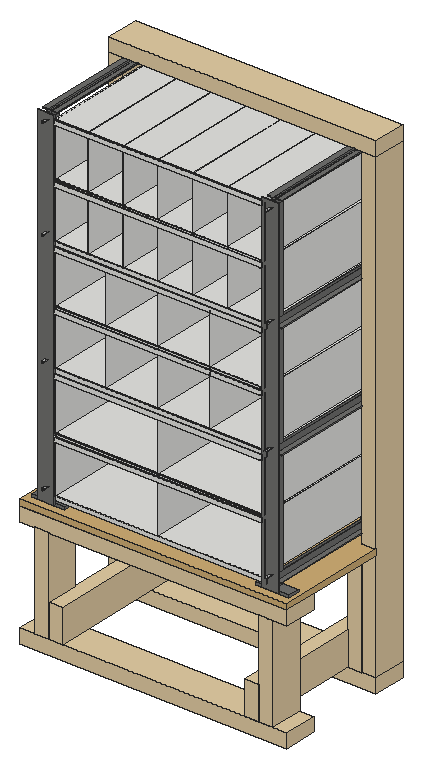
Revit family "Mailboxes_Aluminum-Rack_Ladder_System-Salsbury_Industries-3_Unit_High_Wall_Installation", category Specialty Equipment, host Wall, Revit 2016
Family settings
  Host = Wall
  Part Type = Normal
  Round Connector Dimension = Use Diameter
  OmniClass Number = 23.40.90.14.11
  OmniClass Title = Mail Boxes
  Always vertical = Yes
  Cut with Voids When Loaded = No
  Shared = No
  Room Calculation Point = No
Parameters (values of type "Single Column Installation-2200 Series Mailboxes-3 High")
  Version = "2.0 (06/30/18)"
  URL = "www.mailboxes.com"
  Type Comments = "Rack Ladder System for Aluminum Mailbox Units"
  Trim Material = Steel - Salsbury Finish - Black
  Starter and Add On Configuration (not applicable) = yes
  Starter Configuration (not applicable) = yes
  Rough Opening Width = 25.375"
  Rough Opening Height = 37.375"
  Rack Ladder Spacing = 23.875"
  Right RO Offset = 1.500"
  Rack Ladder Offset = 0.750"
  Rack Ladder Height = Rack Ladder Units : 2200C3
  Platform Material = Plywood
  OmniClass 23 Title = "Mail Boxes"
  OmniClass 23 Number = "23.40.90.14.11"
  Model = "2200 Series"
  MasterFormat Title = "Postal Specialties"
  MasterFormat Number = "10 55 00"
  Manufacturer = "Salsbury Industries"
  Lock Material = Stainless Steel -Salsbury Finish - Polished
  Left RO Offset = 1.500"
  Front Panel Material = Aluminum - Salsbury Finish - Aluminum
  End Column and Add On Configuration (not applicable) = yes
  Description = "3 Unit High  Installation - Single Column"
  Base Height [instance] = 13.780"
  Base Depth = 16.000"
  Back Enclosure Material = Steel - Salsbury Finish - Clear
  Assembly Code = "C1030910"
  2x4 Platform Support = Softwood, Lumber
  2200 Series Mailbox - Location 3 [instance] = 2200_Series_Aluminum_Mailboxes_Rack_Ladder_Units : 2212
  2200 Series Mailbox - Location 2 [instance] = 2200_Series_Aluminum_Mailboxes_Rack_Ladder_Units : 2208
  2200 Series Mailbox - Location 1 [instance] = 2200_Series_Aluminum_Mailboxes_Rack_Ladder_Units : 2204
Reference planes (in)
  plane 1 "Center of Wall": y = 0
  plane 2 "Center (Left/Right)": x = 0
  plane 3 "Front Face of Wall": y = 2.4375
  plane 4 "Left Side of RO": x = 12.6875
  plane 5 "Right Side of RO": x = -12.6875
  plane 6 "Top of RO": z = 51.155
  plane 7 "Bottom of RO": z = 13.78
  plane 8 "Back of Platform": y = -13.5625
  plane 9 "Floor": z = 0
  plane 10 "Back Face of Wall": y = -2.4375
  plane 11: y = -9.0625
  plane 12 "Base-Back Bottom Frame": z = 1.5
  plane 13 "Base-Back TopFrame": z = 11.655
  plane 14 "Base Center-Back TopFrame": z = 12.405
  plane 15 "Base Center-Back Bottom Frame": z = 0.75
  plane 16 "Bottom of Platform": z = 13.155
  plane 17 "Brace/Support Align-Right": x = -11.1875
  plane 18 "Brace/Support Align-Left": x = 11.1875
  plane 19 "Wall Opening Extension - Left": x = 14.1875
  plane 20 "Wall Opening Extension - Right": x = -14.1875
  plane 21 "Wall Opening Extension - Top": z = 52.655
  plane 22 "Right Rack Ladder Align": x = -11.9375
  plane 23 "Left Rack Ladder Align": x = 11.9375
  plane 24: z = 5
  plane 25: y = -1.75
  plane 26: y = 1.75
  plane 27 "Mail Align 1": z = 14.7175
  plane 28: z = 26.8425
  plane 29: z = 38.9675
  plane 30: z = 51.0925
  plane 31: z = 63.2175
  plane 32: z = 75.3425
  plane 33 "Center of Mailboxes": x = 0
  plane 34 "Mailbox Side Align": x = 11.5935
  plane 35: x = -12.6875
  plane 36: x = 12.6875
  plane 37: y = 2.0625
  plane 38: x = 9.6875
  plane 39: x = -9.6875
  plane 40: y = -10.0625
  plane 41 "15"AFF - Low Reach Limit": z = 15
Forms (in)
  Extrusion 1, void
    sketch origin (0, 0, 0) x (1, 0, 0) y (0, 0, 1)
      loop
        line (12.6875, 51.155) -> (-12.6875, 51.155) -> (-12.6875, 13.78) -> (12.6875, 13.78) -> (12.6875, 51.155)
    from -2.4375 to 2.4375
  Extrusion 2, void
    sketch origin (0, -2.4375, 0) x (-1, 0, 0) y (0, 0, 1)
      loop
        line (12.6875, 13.78) -> (-12.6875, 13.78) -> (-12.6875, 0) -> (12.6875, 0) -> (12.6875, 13.78)
    from 0 to 4.5
  Extrusion 3, solid, material "Softwood, Lumber" <- "2x4 Platform Support"
    sketch origin (0, 0, 0) x (1, 0, 0) y (0, 1, 0)
      loop
        line (14.1875, -13.5625) -> (14.1875, -10.0625) -> (-14.1875, -10.0625) -> (-14.1875, -13.5625) -> (14.1875, -13.5625)
    from 0 to 1.5
  Extrusion 4, solid, material "Softwood, Lumber" <- "2x4 Platform Support"
    sketch origin (0, 11.8125, 0) x (1, 0, 0) y (0, 1, 0)
      loop
        line (14.1875, -13.5625) -> (14.1875, -10.0625) -> (-14.1875, -10.0625) -> (-14.1875, -13.5625) -> (14.1875, -13.5625)
    from 0 to 1.5
  Extrusion 5, solid, material "Softwood, Lumber" <- "2x4 Platform Support"
    sketch origin (0, 0, 11.655) x (1, 0, 0) y (0, 1, 0)
      loop
        line (14.1875, -13.5625) -> (14.1875, -10.0625) -> (-14.1875, -10.0625) -> (-14.1875, -13.5625) -> (14.1875, -13.5625)
    from 0 to 1.5
  Extrusion 6, solid, material "Softwood, Lumber" <- "2x4 Platform Support"
    sketch origin (0, 0, 11.655) x (1, 0, 0) y (0, 1, 0)
      loop
        line (12.6875, -1.75) -> (12.6875, 1.75) -> (-12.6875, 1.75) -> (-12.6875, -1.75) -> (12.6875, -1.75)
    from 0 to 1.5
  Extrusion 7, solid, material "Softwood, Lumber" <- "2x4 Platform Support"
    sketch origin (-12.6875, 0, 0) x (0, 0, -1) y (0, 1, 0)
      loop
        line (-11.655, -13.5625) -> (-1.5, -13.5625) -> (-1.5, -10.0625) -> (-11.655, -10.0625) -> (-11.655, -13.5625)
    from 0 to 1.5
  Extrusion 8, solid, material "Softwood, Lumber" <- "2x4 Platform Support"
    sketch origin (-12.6875, 0, 0) x (0, 0, -1) y (0, 1, 0)
      loop
        line (-11.655, -1.75) -> (-1.5, -1.75) -> (-1.5, 1.75) -> (-11.655, 1.75) -> (-11.655, -1.75)
    from 0 to 1.5
  Extrusion 9, solid, material "Softwood, Lumber" <- "2x4 Platform Support", visible <- "End Column and Add On Configuration (not applicable)"
    sketch origin (12.6875, 0, 0) x (0, 0, -1) y (0, 1, 0)
      loop
        line (-11.655, -13.5625) -> (-1.5, -13.5625) -> (-1.5, -10.0625) -> (-11.655, -10.0625) -> (-11.655, -13.5625)
    from 0 to -1.5
  Extrusion 10, solid, material "Softwood, Lumber" <- "2x4 Platform Support", visible <- "End Column and Add On Configuration (not applicable)"
    sketch origin (12.6875, 0, 0) x (0, 0, -1) y (0, 1, 0)
      loop
        line (-11.655, -1.75) -> (-1.5, -1.75) -> (-1.5, 1.75) -> (-11.655, 1.75) -> (-11.655, -1.75)
    from 0 to -1.5
  Extrusion 11, solid, material "Softwood, Lumber" <- "2x4 Platform Support"
    sketch origin (-11.1875, 0, 0) x (0, 0, -1) y (0, -1, 0)
      loop
        line (-1.5, 13.5625) -> (-5, 13.5625) -> (-5, -1.75) -> (-1.5, -1.75) -> (-1.5, 13.5625)
    from 0 to -1.5
  Extrusion 12, solid, material "Softwood, Lumber" <- "2x4 Platform Support", visible <- "End Column and Add On Configuration (not applicable)"
    sketch origin (11.1875, 0, 0) x (0, 0, -1) y (0, -1, 0)
      loop
        line (-1.5, 13.5625) -> (-5, 13.5625) -> (-5, -1.75) -> (-1.5, -1.75) -> (-1.5, 13.5625)
    from 0 to 1.5
  Extrusion 13, void
    sketch origin (0, 0, 52.655) x (0, -1, 0) y (1, 0, 0)
      loop
        line (2.4375, -14.1875) -> (2.4375, 14.1875) -> (-2.06201, 14.1875) -> (-2.06201, -14.1875) -> (2.4375, -14.1875)
    from -52.655 to 0
  Extrusion 14, solid, material "Softwood, Lumber" <- "2x4 Platform Support", visible <- "End Column and Add On Configuration (not applicable)"
    sketch origin (14.1875, 0, 0) x (0, -1, 0) y (0, 0, 1)
      loop
        line (1.75, 1.5) -> (1.75, 51.155) -> (-1.75, 51.155) -> (-1.75, 1.5) -> (1.75, 1.5)
    from 0 to 1.5
  Extrusion 15, solid, material "Softwood, Lumber" <- "2x4 Platform Support", visible <- "Starter and Add On Configuration (not applicable)"
    sketch origin (-14.1875, 0, 0) x (0, -1, 0) y (0, 0, 1)
      loop
        line (1.75, 1.5) -> (1.75, 51.155) -> (-1.75, 51.155) -> (-1.75, 1.5) -> (1.75, 1.5)
    from 0 to -1.5
  Extrusion 16, solid, material "Softwood, Lumber" <- "2x4 Platform Support"
    sketch origin (0, 11.8125, 52.655) x (0, -1, 0) y (1, 0, 0)
      loop
        line (13.5625, 14.1875) -> (10.0625, 14.1875) -> (10.0625, -14.1875) -> (13.5625, -14.1875) -> (13.5625, 14.1875)
    from 0 to -1.5
  Extrusion 17, solid, material "Plywood" <- "Platform Material"
    sketch origin (0, 0, 13.155) x (0, -1, 0) y (1, 0, 0)
      loop
        line (13.5625, -14.1875) -> (13.5625, 14.1875) -> (-2.0625, 14.1875) -> (-2.0625, -14.1875) -> (13.5625, -14.1875)
    from 0 to 0.625
  Extrusion 18, void
    sketch origin (-12.6875, 0, 0) x (0, 0, -1) y (0, 1, 0)
      loop
        line (-13.155, 2.0625) -> (-13.78, 2.0625) -> (-13.78, -1.75) -> (-13.155, -1.75) -> (-13.155, 2.0625)
    from 0 to -1.5
  Extrusion 19, void
    sketch origin (12.6875, 0, 0) x (0, 0, -1) y (0, 1, 0)
      loop
        line (-13.155, 2.0625) -> (-13.78, 2.0625) -> (-13.78, -1.75) -> (-13.155, -1.75) -> (-13.155, 2.0625)
    from 0 to 1.5
Cuts and joins
  Extrusion 18 cuts Extrusion 6
  Extrusion 18, Extrusion 19 cuts Extrusion 17
Lines and regions (in)
  symbolic lines
    curve 1: line (-14.1875, -13.5625, 14.7175) -> (14.1875, -13.5625, 14.7175)
    curve 2: line (-14.1875, 1.75, 14.7175) -> (-14.1875, -13.5625, 14.7175)
    curve 3: line (14.1875, 1.75, 14.7175) -> (-14.1875, 1.75, 14.7175)
    curve 4: line (14.1875, -13.5625, 14.7175) -> (14.1875, 1.75, 14.7175)
    curve 5: line (-14.1875, -1.75, 14.7175) -> (14.1875, -1.75, 14.7175)
    curve 6: line (-12.6875, -1.75, 52.655) -> (-12.6875, 1.75, 52.655)
    curve 7: line (-12.6875, -1.75, 0) -> (-12.6875, -1.75, 52.655)
    curve 8: line (-12.6875, 1.75, 0) -> (-12.6875, -1.75, 0)
    curve 9: line (-12.6875, 1.75, 52.655) -> (-12.6875, 1.75, 0)
    curve 10: line (-12.6875, -13.5625, 13.155) -> (-12.6875, -10.0625, 13.155)
    curve 11: line (-12.6875, -13.5625, 0) -> (-12.6875, -13.5625, 13.155)
    curve 12: line (-12.6875, -10.0625, 0) -> (-12.6875, -13.5625, 0)
    curve 13: line (-12.6875, -10.0625, 13.155) -> (-12.6875, -10.0625, 0)
    curve 14: line (-12.6875, -13.5625, 11.655) -> (-12.6875, -10.0625, 11.655)
    curve 15: line (-12.6875, -13.5625, 1.5) -> (-12.6875, 1.75, 1.5)
    curve 16: line (-12.6875, -10.0625, 5) -> (-12.6875, -1.75, 5)
    curve 17: line (-12.6875, -13.5625, 13.78) -> (-12.6875, -1.75, 13.78)
    curve 18: line (-12.6875, -13.5625, 13.155) -> (-12.6875, -13.5625, 13.78)
    curve 19: line (-12.6875, -1.75, 13.155) -> (-12.6875, -13.5625, 13.155)
    curve 20: line (-12.6875, -1.75, 51.155) -> (-12.6875, 1.75, 51.155)
    curve 21: line (-14.1875, 0, 52.655) -> (14.1875, 0, 52.655)
    curve 22: line (-14.1875, 0, 51.155) -> (-14.1875, 0, 52.655)
    curve 23: line (14.1875, 0, 51.155) -> (-14.1875, 0, 51.155)
    curve 24: line (14.1875, 0, 52.655) -> (14.1875, 0, 51.155)
    curve 25: line (-14.1875, 0, 51.155) -> (-14.1875, 0, 1.5)
    curve 26: line (14.1875, 0, 51.155) -> (14.1875, 0, 1.5)
    curve 27: line (-14.1875, 0, 0) -> (14.1875, 0, 0)
    curve 28: line (-14.1875, 0, 1.5) -> (-14.1875, 0, 0)
    curve 29: line (14.1875, 0, 1.5) -> (-14.1875, 0, 1.5)
    curve 30: line (14.1875, 0, 0) -> (14.1875, 0, 1.5)
    curve 31: line (-14.1875, 0, 13.155) -> (14.1875, 0, 13.155)
    curve 32: line (-14.1875, 0, 13.78) -> (14.1875, 0, 13.78)
    curve 33: line (14.1875, 0, 11.655) -> (-14.1875, 0, 11.655)
    curve 34: line (-12.6875, 0, 1.5) -> (-12.6875, 0, 11.655)
    curve 35: line (-11.1875, 0, 1.5) -> (-11.1875, 0, 11.655)
    curve 36: line (-9.6875, 0, 1.5) -> (-9.6875, 0, 5)
    curve 37: line (-11.1875, 0, 5) -> (-9.6875, 0, 5)
    curve 38: line (11.1875, 0, 1.5) -> (11.1875, 0, 11.655)
    curve 39: line (12.6875, 0, 1.5) -> (12.6875, 0, 11.655)
    curve 40: line (9.6875, 0, 1.5) -> (9.6875, 0, 5)
    curve 41: line (11.1875, 0, 5) -> (9.6875, 0, 5)
Text (in)
  text "Placement Side" at (0, 40.15149, 123.01588), in view "Right"
  text "Placement Side" at (-58.6842, 42.74981, 0), in view "Ref. Level"
  text "Placement Side" at (0, 47.49176, 140.59947), in view "Left"
Dimensions and locks (in)
  locked: plane 3 "Front Face of Wall" to host wall
  equal spacing: plane 4 "Left Side of RO", plane 2 "Center (Left/Right)", plane 5 "Right Side of RO"
  "Rough Opening Width": plane 4 "Left Side of RO" to plane 5 "Right Side of RO"
  "Rough Opening Height": plane 7 "Bottom of RO" to plane 6 "Top of RO"
  "Base Height": plane 9 "Floor" to plane 7 "Bottom of RO"
  "Base Depth": plane 8 "Back of Platform" to plane 3 "Front Face of Wall"
  plane 8 "Back of Platform" to plane 11 = 4.500"
  plane 24 to plane 12 "Base-Back Bottom Frame" to plane 15 "Base Center-Back Bottom Frame" to plane 9 "Floor" = 3.500", 0.750", 0.750"
  plane 7 "Bottom of RO" to plane 16 "Bottom of Platform" to plane 14 "Base Center-Back TopFrame" to plane 13 "Base-Back TopFrame" = 0.625", 0.750", 0.750"
  plane 5 "Right Side of RO" to plane 17 "Brace/Support Align-Right" to plane 39 = 1.500" locked, 1.500" locked
  plane 38 to plane 18 "Brace/Support Align-Left" to plane 4 "Left Side of RO" = 1.500" locked, 1.500" locked
  "Left RO Offset": plane 4 "Left Side of RO" to plane 19 "Wall Opening Extension - Left"
  "Right RO Offset": plane 20 "Wall Opening Extension - Right" to plane 5 "Right Side of RO"
  locked: plane 21 "Wall Opening Extension - Top" to plane 6 "Top of RO" at 1.5
  "Rack Ladder Spacing": plane 22 "Right Rack Ladder Align" to plane 23 "Left Rack Ladder Align"
  plane 25 to plane 1 "Center of Wall" to plane 26 = 1.750", 1.750"
  "Rack Ladder Offset": plane 22 "Right Rack Ladder Align" to plane 5 "Right Side of RO"
  plane 32 to plane 31 to plane 30 to plane 29 to plane 28 to plane 27 "Mail Align 1" to plane 7 "Bottom of RO" = 12.125", 12.125", 12.125", 12.125", 12.125", 0.9375"
  equal spacing: plane 22 "Right Rack Ladder Align", plane 33 "Center of Mailboxes", plane 23 "Left Rack Ladder Align"
  locked: plane 34 "Mailbox Side Align" to plane 23 "Left Rack Ladder Align" at 0.344
  locked: plane 20 "Wall Opening Extension - Right" to plane 35 at 1.5
  locked: plane 36 to plane 19 "Wall Opening Extension - Left" at 1.5
  locked: plane 37 to plane 3 "Front Face of Wall" at 0.375
  locked: plane 41 "15"AFF - Low Reach Limit" to plane 9 "Floor" at 15
  aligned and locked: plane 9 "Floor" to level
  aligned and locked: plane 6 "Top of RO" to Extrusion 1 sketch curve
  aligned and locked: plane 5 "Right Side of RO" to Extrusion 1 sketch curve
  aligned and locked: Extrusion 1 sketch curve to plane 4 "Left Side of RO"
  aligned and locked: Extrusion 1 sketch curve to plane 7 "Bottom of RO"
  aligned and locked: host wall to Extrusion 1  (x2)
  aligned and locked: plane 10 "Back Face of Wall" to host wall
  aligned and locked: plane 7 "Bottom of RO" to Extrusion 2 sketch curve
  aligned and locked: Extrusion 2 sketch curve to plane 4 "Left Side of RO"
  aligned and locked: plane 5 "Right Side of RO" to Extrusion 2 sketch curve
  aligned and locked: Extrusion 2 sketch curve to plane 9 "Floor"
  aligned and locked: Extrusion 3 to plane 12 "Base-Back Bottom Frame"
  aligned and locked: plane 4 "Left Side of RO" to Extrusion 6
  aligned and locked: Extrusion 6 to plane 5 "Right Side of RO"
  aligned and locked: plane 12 "Base-Back Bottom Frame" to Extrusion 7
  aligned and locked: Extrusion 7 to plane 13 "Base-Back TopFrame"
  aligned and locked: plane 13 "Base-Back TopFrame" to Extrusion 5
  aligned and locked: plane 12 "Base-Back Bottom Frame" to Extrusion 8
  aligned and locked: plane 12 "Base-Back Bottom Frame" to Extrusion 9
  aligned and locked: plane 12 "Base-Back Bottom Frame" to Extrusion 10
  aligned and locked: Extrusion 9 to plane 13 "Base-Back TopFrame"
  aligned and locked: Extrusion 10 to plane 13 "Base-Back TopFrame"
  aligned and locked: Extrusion 4 to Extrusion 12
  aligned and locked: Extrusion 4 to Extrusion 11
  aligned and locked: Extrusion 13 sketch curve to plane 20 "Wall Opening Extension - Right"
  aligned and locked: plane 19 "Wall Opening Extension - Left" to Extrusion 13 sketch curve
  aligned and locked: Extrusion 4 to plane 19 "Wall Opening Extension - Left"
  aligned and locked: plane 20 "Wall Opening Extension - Right" to Extrusion 4
  aligned and locked: Extrusion 17 to plane 7 "Bottom of RO"
  aligned and locked: Extrusion 13 to level
  aligned and locked: plane 24 to Extrusion 12
  aligned and locked: Extrusion 11 to plane 24
  aligned and locked: nested 1 to plane 7 "Bottom of RO"
  aligned and locked: nested 2 to plane 23 "Left Rack Ladder Align"
  aligned and locked: nested 1 to plane 22 "Right Rack Ladder Align"
  aligned and locked: plane 7 "Bottom of RO" to nested 2
  aligned and locked: plane 3 "Front Face of Wall" to nested 1
  aligned and locked: nested 2 to plane 3 "Front Face of Wall"
  aligned and locked: Extrusion 5 to Extrusion 4
  aligned and locked: Extrusion 5 to plane 19 "Wall Opening Extension - Left"
  aligned and locked: Extrusion 5 to Extrusion 17
  aligned and locked: Extrusion 17 to Extrusion 5
  aligned and locked: Extrusion 4 to Extrusion 3  (x2)
  aligned and locked: Extrusion 4 to plane 12 "Base-Back Bottom Frame"
  aligned and locked: plane 12 "Base-Back Bottom Frame" to Extrusion 15
  aligned and locked: Extrusion 15 to plane 6 "Top of RO"
  aligned and locked: Extrusion 14 to plane 6 "Top of RO"
  aligned and locked: Extrusion 16 to plane 19 "Wall Opening Extension - Left"
  aligned and locked: plane 20 "Wall Opening Extension - Right" to Extrusion 16
  aligned and locked: Extrusion 17 to Extrusion 3  (x2)
  aligned and locked: plane 25 to Extrusion 4
  aligned and locked: Extrusion 4 to plane 26
  aligned and locked: plane 25 to Extrusion 14
  aligned and locked: Extrusion 14 to plane 26
  aligned and locked: Extrusion 10 to plane 26
  aligned and locked: plane 25 to Extrusion 10
  aligned and locked: plane 25 to cut or joined group of Extrusion 6, Extrusion 18
  aligned and locked: cut or joined group of Extrusion 6, Extrusion 18 to plane 26
  aligned and locked: plane 25 to Extrusion 8
  aligned and locked: Extrusion 8 to plane 26
  aligned and locked: Extrusion 16 to plane 26  (x2)
  aligned and locked: plane 25 to Extrusion 16
  aligned and locked: cut or joined group of Extrusion 17, Extrusion 18, Extrusion 19 to Extrusion 18
  aligned and locked: Extrusion 18 to Extrusion 4
  aligned and locked: Extrusion 19 to cut or joined group of Extrusion 17, Extrusion 18, Extrusion 19
  aligned and locked: Extrusion 4 to Extrusion 19
  aligned and locked: plane 3 "Front Face of Wall" to nested 4
  aligned and locked: nested 5 to plane 3 "Front Face of Wall"
  aligned and locked: plane 27 "Mail Align 1" to nested 3
  aligned and locked: plane 28 to nested 4
  aligned and locked: plane 29 to nested 5
  aligned and locked: nested 3 to plane 3 "Front Face of Wall"
  aligned and locked: nested 5 to plane 34 "Mailbox Side Align"
  aligned and locked: nested 4 to plane 34 "Mailbox Side Align"
  aligned and locked: nested 3 to plane 34 "Mailbox Side Align"
  aligned and locked: Extrusion 15 to plane 26
  aligned and locked: plane 25 to Extrusion 15
  aligned and locked: plane 25 to Extrusion 15 sketch curve
  aligned and locked: Extrusion 15 sketch curve to plane 26
  aligned and locked: Extrusion 15 sketch curve to plane 6 "Top of RO"
  aligned and locked: plane 12 "Base-Back Bottom Frame" to Extrusion 15 sketch curve
  aligned and locked: Extrusion 15 to plane 35
  aligned and locked: plane 20 "Wall Opening Extension - Right" to Extrusion 15
  aligned and locked: plane 12 "Base-Back Bottom Frame" to Extrusion 14 sketch curve
  aligned and locked: plane 25 to Extrusion 14 sketch curve
  aligned and locked: Extrusion 14 sketch curve to plane 26
  aligned and locked: Extrusion 14 sketch curve to plane 6 "Top of RO"
  aligned and locked: Extrusion 14 to plane 36
  aligned and locked: Extrusion 14 to plane 19 "Wall Opening Extension - Left"
  aligned and locked: plane 26 to Extrusion 16 sketch curve
  aligned and locked: Extrusion 16 sketch curve to plane 20 "Wall Opening Extension - Right"
  aligned and locked: Extrusion 16 sketch curve to plane 25
  aligned and locked: plane 19 "Wall Opening Extension - Left" to Extrusion 16 sketch curve
  aligned and locked: Extrusion 16 to plane 21 "Wall Opening Extension - Top"
  aligned and locked: plane 6 "Top of RO" to Extrusion 16
  aligned and locked: plane 20 "Wall Opening Extension - Right" to Extrusion 17 sketch curve
  aligned and locked: Extrusion 17 sketch curve to plane 19 "Wall Opening Extension - Left"
  aligned and locked: plane 8 "Back of Platform" to Extrusion 17 sketch curve
  aligned and locked: plane 37 to Extrusion 17 sketch curve
  aligned and locked: plane 16 "Bottom of Platform" to cut or joined group of Extrusion 17, Extrusion 18, Extrusion 19
  aligned and locked: plane 5 "Right Side of RO" to Extrusion 6 sketch curve
  aligned and locked: plane 26 to Extrusion 6 sketch curve
  aligned and locked: Extrusion 6 sketch curve to plane 25
  aligned and locked: Extrusion 6 sketch curve to plane 4 "Left Side of RO"
  aligned and locked: plane 13 "Base-Back TopFrame" to cut or joined group of Extrusion 6, Extrusion 18
  aligned and locked: cut or joined group of Extrusion 6, Extrusion 18 to plane 16 "Bottom of Platform"
  aligned and locked: plane 40 to Extrusion 5 sketch curve
  aligned and locked: Extrusion 5 sketch curve to plane 8 "Back of Platform"
  aligned and locked: Extrusion 5 sketch curve to plane 20 "Wall Opening Extension - Right"
  aligned and locked: plane 19 "Wall Opening Extension - Left" to Extrusion 5 sketch curve
  aligned and locked: Extrusion 5 to plane 16 "Bottom of Platform"
  aligned and locked: plane 13 "Base-Back TopFrame" to Extrusion 8 sketch curve
  aligned and locked: Extrusion 8 sketch curve to plane 25
  aligned and locked: plane 26 to Extrusion 8 sketch curve
  aligned and locked: Extrusion 8 sketch curve to plane 12 "Base-Back Bottom Frame"
  aligned and locked: Extrusion 8 to plane 17 "Brace/Support Align-Right"
  aligned and locked: Extrusion 8 to plane 5 "Right Side of RO"
  aligned and locked: plane 13 "Base-Back TopFrame" to Extrusion 7 sketch curve
  aligned and locked: Extrusion 7 sketch curve to plane 12 "Base-Back Bottom Frame"
  aligned and locked: plane 40 to Extrusion 7 sketch curve
  aligned and locked: Extrusion 7 sketch curve to plane 8 "Back of Platform"
  aligned and locked: Extrusion 7 to plane 17 "Brace/Support Align-Right"
  aligned and locked: Extrusion 7 to plane 5 "Right Side of RO"
  aligned and locked: Extrusion 11 sketch curve to plane 24
  aligned and locked: plane 12 "Base-Back Bottom Frame" to Extrusion 11 sketch curve
  aligned and locked: plane 8 "Back of Platform" to Extrusion 11 sketch curve
  aligned and locked: Extrusion 11 sketch curve to plane 26
  aligned and locked: plane 39 to Extrusion 11
  aligned and locked: plane 17 "Brace/Support Align-Right" to Extrusion 11
  aligned and locked: plane 13 "Base-Back TopFrame" to Extrusion 10 sketch curve
  aligned and locked: Extrusion 10 sketch curve to plane 12 "Base-Back Bottom Frame"
  aligned and locked: Extrusion 10 sketch curve to plane 25
  aligned and locked: plane 26 to Extrusion 10 sketch curve
  aligned and locked: plane 4 "Left Side of RO" to Extrusion 10
  aligned and locked: plane 18 "Brace/Support Align-Left" to Extrusion 10
  aligned and locked: plane 13 "Base-Back TopFrame" to Extrusion 9 sketch curve
  aligned and locked: Extrusion 9 sketch curve to plane 12 "Base-Back Bottom Frame"
  aligned and locked: plane 40 to Extrusion 9 sketch curve
  aligned and locked: Extrusion 9 sketch curve to plane 8 "Back of Platform"
  aligned and locked: plane 4 "Left Side of RO" to Extrusion 9
  aligned and locked: plane 18 "Brace/Support Align-Left" to Extrusion 9
  aligned and locked: Extrusion 12 sketch curve to plane 26
  aligned and locked: Extrusion 12 sketch curve to plane 24
  aligned and locked: plane 12 "Base-Back Bottom Frame" to Extrusion 12 sketch curve
  aligned and locked: plane 8 "Back of Platform" to Extrusion 12 sketch curve
  aligned and locked: Extrusion 12 to plane 18 "Brace/Support Align-Left"
  aligned and locked: Extrusion 12 to plane 38
  aligned and locked: plane 26 to Extrusion 4 sketch curve
  aligned and locked: Extrusion 4 sketch curve to plane 25
  aligned and locked: plane 19 "Wall Opening Extension - Left" to Extrusion 4 sketch curve
  aligned and locked: Extrusion 4 sketch curve to plane 20 "Wall Opening Extension - Right"
  aligned and locked: plane 9 "Floor" to Extrusion 4
  aligned and locked: plane 40 to Extrusion 3 sketch curve
  aligned and locked: Extrusion 3 sketch curve to plane 8 "Back of Platform"
  aligned and locked: plane 19 "Wall Opening Extension - Left" to Extrusion 3 sketch curve
  aligned and locked: Extrusion 3 sketch curve to plane 20 "Wall Opening Extension - Right"
  aligned and locked: plane 9 "Floor" to Extrusion 3
  aligned and locked: plane 8 "Back of Platform" to curve 1
  aligned and locked: plane 20 "Wall Opening Extension - Right" to curve 2
  aligned and locked: curve 4 to plane 19 "Wall Opening Extension - Left"
  aligned and locked: plane 20 "Wall Opening Extension - Right" to curve 5
  aligned and locked: plane 19 "Wall Opening Extension - Left" to curve 5
  aligned and locked: plane 25 to curve 5
  aligned and locked: curve 7 to plane 25
  aligned and locked: plane 21 "Wall Opening Extension - Top" to curve 6
  aligned and locked: plane 26 to curve 9
  aligned and locked: curve 8 to plane 9 "Floor"
  aligned and locked: curve 12 to plane 9 "Floor"
  aligned and locked: plane 40 to curve 13
  aligned and locked: curve 11 to plane 8 "Back of Platform"
  aligned and locked: plane 16 "Bottom of Platform" to curve 10
  aligned and locked: plane 13 "Base-Back TopFrame" to curve 14
  aligned and locked: plane 12 "Base-Back Bottom Frame" to curve 15
  aligned and locked: plane 40 to curve 16
  aligned and locked: plane 25 to curve 16
  aligned and locked: plane 24 to curve 16
  aligned and locked: plane 7 "Bottom of RO" to curve 17
  aligned and locked: curve 19 to plane 16 "Bottom of Platform"
  aligned and locked: curve 18 to plane 8 "Back of Platform"
  aligned and locked: plane 26 to curve 20
  aligned and locked: plane 6 "Top of RO" to curve 20
  aligned and locked: curve 23 to plane 6 "Top of RO"
  aligned and locked: plane 21 "Wall Opening Extension - Top" to curve 21
  aligned and locked: plane 19 "Wall Opening Extension - Left" to curve 24
  aligned and locked: curve 22 to plane 20 "Wall Opening Extension - Right"
  aligned and locked: plane 6 "Top of RO" to curve 25
  aligned and locked: plane 12 "Base-Back Bottom Frame" to curve 25
  aligned and locked: plane 19 "Wall Opening Extension - Left" to curve 26
  aligned and locked: curve 29 to plane 12 "Base-Back Bottom Frame"
  aligned and locked: plane 9 "Floor" to curve 27
  aligned and locked: plane 20 "Wall Opening Extension - Right" to curve 28
  aligned and locked: curve 30 to plane 19 "Wall Opening Extension - Left"
  aligned and locked: plane 16 "Bottom of Platform" to curve 31
  aligned and locked: plane 20 "Wall Opening Extension - Right" to curve 33
  aligned and locked: plane 19 "Wall Opening Extension - Left" to curve 33
  aligned and locked: plane 7 "Bottom of RO" to curve 32
  aligned and locked: curve 33 to plane 13 "Base-Back TopFrame"
  aligned and locked: plane 24 to curve 36
  aligned and locked: curve 34 to plane 35
  aligned and locked: curve 35 to plane 17 "Brace/Support Align-Right"
  aligned and locked: plane 39 to curve 36
  aligned and locked: plane 17 "Brace/Support Align-Right" to curve 37
  aligned and locked: plane 39 to curve 37
  aligned and locked: plane 24 to curve 37
  aligned and locked: plane 13 "Base-Back TopFrame" to curve 39
  aligned and locked: plane 24 to curve 40
  aligned and locked: curve 39 to plane 36
  aligned and locked: curve 38 to plane 18 "Brace/Support Align-Left"
  aligned and locked: plane 38 to curve 40
  aligned and locked: plane 18 "Brace/Support Align-Left" to curve 41
  aligned and locked: plane 38 to curve 41
  aligned and locked: curve 41 to plane 24
Automatic sketch dimensions
  host wall to Extrusion 13 sketch curve = 0.000"
  Extrusion 13 sketch curve to host wall = 0.37549"
  plane 7 "Bottom of RO" to Extrusion 18 sketch curve = 0.000"
  plane 16 "Bottom of Platform" to Extrusion 18 sketch curve = 0.000"
  Extrusion 18 sketch curve to host wall = 0.6875"
  Extrusion 18 sketch curve to host wall = 0.375"
  plane 7 "Bottom of RO" to Extrusion 19 sketch curve = 0.000"
  plane 16 "Bottom of Platform" to Extrusion 19 sketch curve = 0.000"
  Extrusion 19 sketch curve to host wall = 0.6875"
  Extrusion 19 sketch curve to host wall = 0.375"
  plane 26 to curve 4 = 0.000"
Nested families (in)
  nested 1: "Rack Ladder Units" at (-11.9375, -5.125, 13.78), type <- "Rack Ladder Height", type "2200C3"
  nested 2: "Rack Ladder Units" at (11.9375, -5.125, 13.78) x (-1, 0, 0) z (0, 0, 1), type <- "Rack Ladder Height", visible <- "End Column and Add On Configuration (not applicable)", type "2200C3"
  nested 3: "2200_Series_Aluminum_Mailboxes_Rack_Ladder_Units" at (-0.0315, -5.3125, 14.7175) x (-1, 0, 0) z (0, 0, 1), type <- "2200 Series Mailbox - Location 1", type "2204"
    with Door Slot #9 Number "9", Door Slot #8 Number "8", Door Slot #7 Number "7", Door Slot #6 Number "6", Door Slot #5 Number "5", Door Slot #4 Number "4", Door Slot #3 Number "3", Door Slot #2 Number "2", Door Slot #17 Number "0", Door Slot #16 Number "0", Door Slot #15 Number "0", Door Slot #14 Number "0", Door Slot #13 Number "0", Door Slot #12 Number "1\r\n2", Door Slot #11 Number "1\r\n1", Door Slot #10 Number "1\r\n0", Door Slot #1 Number "1", Door Numbers yes
  nested 4: "2200_Series_Aluminum_Mailboxes_Rack_Ladder_Units" at (-0.0315, -5.3125, 26.8425) x (-1, 0, 0) z (0, 0, 1), type <- "2200 Series Mailbox - Location 2", type "2208"
    with Door Slot #9 Number "9", Door Slot #8 Number "8", Door Slot #7 Number "7", Door Slot #6 Number "6", Door Slot #5 Number "5", Door Slot #4 Number "4", Door Slot #3 Number "3", Door Slot #2 Number "2", Door Slot #17 Number "0", Door Slot #16 Number "0", Door Slot #15 Number "0", Door Slot #14 Number "0", Door Slot #13 Number "0", Door Slot #12 Number "1\r\n2", Door Slot #11 Number "1\r\n1", Door Slot #10 Number "1\r\n0", Door Slot #1 Number "1", Door Numbers yes
  nested 5: "2200_Series_Aluminum_Mailboxes_Rack_Ladder_Units" at (-0.0315, -5.3125, 38.9675) x (-1, 0, 0) z (0, 0, 1), type <- "2200 Series Mailbox - Location 3", type "2212"
    with Door Slot #9 Number "9", Door Slot #8 Number "8", Door Slot #7 Number "7", Door Slot #6 Number "6", Door Slot #5 Number "5", Door Slot #4 Number "4", Door Slot #3 Number "3", Door Slot #2 Number "2", Door Slot #17 Number "0", Door Slot #16 Number "0", Door Slot #15 Number "0", Door Slot #14 Number "0", Door Slot #13 Number "0", Door Slot #12 Number "1\r\n2", Door Slot #11 Number "1\r\n1", Door Slot #10 Number "1\r\n0", Door Slot #1 Number "1", Door Numbers yes
Definition of nested family "Rack Ladder Units"
  Parameters (values of type "2200C3")
    Width = 3.500"
    Visible = yes
    Version = "1.0 (04/30/16)"
    Type Comments = "Rack Ladder for Aluminum Mailboxes"
    Trim Material = none
    Number of Dividers = 3
    Model = "2200C3"
    Manufacturer = "Salsbury Industries"
    Lock Material = none
    Height = 37.375"
    Divider Spacing = 24.250"
    Description = "3 High - Custom"
    Depth = 15.875"
  Types (7): name | Visible | Number of Dividers | Model | Height | Divider Spacing | Description
    (no name) | yes | 3 | "2200C3" | 37.375" | 24.250" | "3 High - Custom"
    2200C6 | yes | 6 | "2200C6" | 73.750" | 60.625" | "6 High - Custom"
    2200C5 | yes | 5 | "2200C5" | 61.625" | 48.500" | "5 High - Standard"
    2200C4 | yes | 4 | "2200C4" | 49.500" | 36.375" | "4 High - Custom"
    2200C3 | yes | 3 | "2200C3" | 37.375" | 24.250" | "3 High - Custom"
    2200C2 | yes | 2 | "2200C2" | 25.250" | 12.125" | "2 High - Custom"
    None | no | 2 | "2200C2" | 25.250" | 12.125" | "2 High - Custom"
  Reference planes (in)
    plane 1 "Center (Front/Back)": y = 0
    plane 2 "bottom": z = 0
    plane 3 "Center (Left/Right)": x = 0
    plane 4 "left": y = -7.5625
    plane 5 "right": y = 7.5625
    plane 6 "Bottom of top divider": z = 37.3125
    plane 7 "back": x = -0.625
    plane 8 "front": x = 0.625
    plane 9: z = 0.9375
    plane 10: z = 13.0625
    plane 11: z = 25.1875
    plane 12: z = 37.3125
    plane 13: z = 49.4375
    plane 14: z = 25.1875
    plane 15 "Vertical Bar Base": z = 0.25
    plane 16: y = -6.3125
    plane 17: y = 6.0625
    plane 18: x = 1.75
    plane 19: x = -1.75
    plane 20: x = 0.125
    plane 21: x = -0.125
    plane 22: y = 7.3125
    plane 23 "Divider Left Align": y = -7.3125
    plane 24: x = 0.875
    plane 25: x = -0.875
    plane 26 "Back Plate Align": y = -7.8125
    plane 27 "Divider Right Align": y = 7.0625
    plane 28: y = -7.875
    plane 29: y = -8.3125
    plane 30 "top": z = 37.375
    plane 31: y = 6.3125
  Forms (in)
    Extrusion 1, solid, material <- "Trim Material", visible <- "Visible"
      sketch origin (0, 0, 0) x (1, 0, 0) y (0, 1, 0)
        loop
          line (-1.75, -6.3125) -> (-1.75, -7.5625) -> (1.75, -7.5625) -> (1.75, -6.3125) -> (-1.75, -6.3125)
      from 0 to 0.25
    Extrusion 2, solid, material <- "Trim Material", visible <- "Visible"
      sketch origin (0, -0.125, 0.25) x (1, 0, 0) y (0, 1, 0)
        loop
          line (-0.125, -6.1875) -> (-0.125, -7.4375) -> (0.125, -7.4375) -> (0.125, -6.1875) -> (-0.125, -6.1875)
      from 0 to 37.125
    Extrusion 3, solid, material <- "Trim Material", visible <- "Visible"
      sketch origin (0, 0, 0) x (1, 0, 0) y (0, 1, 0)
        loop
          line (-0.625, 6.3125) -> (1.75, 6.3125) -> (1.75, 7.5625) -> (-0.625, 7.5625) -> (-0.625, 6.3125)
      from 0 to 0.25
    Extrusion 4, solid, material <- "Trim Material", visible <- "Visible"
      sketch origin (0, -0.25, 0.25) x (1, 0, 0) y (0, 1, 0)
        loop
          line (-0.125, 6.3125) -> (0.125, 6.3125) -> (0.125, 7.5625) -> (-0.125, 7.5625) -> (-0.125, 6.3125)
      from 0 to 37.125
    Extrusion 5, solid, material <- "Trim Material", visible <- "Visible"
      sketch origin (0, 0, 0.25) x (1, 0, 0) y (0, 1, 0)
        loop
          line (-0.625, 7.5625) -> (-0.625, 7.3125) -> (0.625, 7.3125) -> (0.625, 7.5625) -> (-0.625, 7.5625)
      from 0 to 37.125
    Extrusion 6, solid, material <- "Trim Material", visible <- "Visible"
      sketch origin (0, -0.4375, 0.25) x (1, 0, 0) y (0, 1, 0)
        loop
          line (-0.875, -7.375) -> (-0.875, -7.4375) -> (0.875, -7.4375) -> (0.875, -7.375) -> (-0.875, -7.375)
      from 0 to 37.125
  Lines and regions (in)
    symbolic lines
      curve 1: line (-1.75, -6.3125, 37.3125) -> (1.75, -6.3125, 37.3125)
      curve 2: line (-1.75, -7.5625, 37.3125) -> (-1.75, -6.3125, 37.3125)
      curve 3: line (1.75, -7.5625, 37.3125) -> (-1.75, -7.5625, 37.3125)
      curve 4: line (1.75, -6.3125, 37.3125) -> (1.75, -7.5625, 37.3125)
      curve 5: line (-0.875, -7.8125, 37.3125) -> (0.875, -7.8125, 37.3125)
      curve 6: line (-0.875, -7.875, 37.3125) -> (-0.875, -7.8125, 37.3125)
      curve 7: line (0.875, -7.875, 37.3125) -> (-0.875, -7.875, 37.3125)
      curve 8: line (0.875, -7.8125, 37.3125) -> (0.875, -7.875, 37.3125)
      curve 9: line (-0.625, 7.5625, 37.3125) -> (1.75, 7.5625, 37.3125)
      curve 10: line (-0.625, 6.3125, 37.3125) -> (-0.625, 7.5625, 37.3125)
      curve 11: line (1.75, 6.3125, 37.3125) -> (-0.625, 6.3125, 37.3125)
      curve 12: line (1.75, 7.5625, 37.3125) -> (1.75, 6.3125, 37.3125)
      curve 13: line (-0.125, -6.3125, 37.3125) -> (0.125, -6.3125, 37.3125)
      curve 14: line (-0.125, -7.5625, 37.3125) -> (-0.125, -6.3125, 37.3125)
      curve 15: line (0.125, -7.5625, 37.3125) -> (-0.125, -7.5625, 37.3125)
      curve 16: line (0.125, -6.3125, 37.3125) -> (0.125, -7.5625, 37.3125)
      curve 17: line (-0.125, 7.3125, 37.3125) -> (0.125, 7.3125, 37.3125)
      curve 18: line (-0.125, 6.0625, 37.3125) -> (-0.125, 7.3125, 37.3125)
      curve 19: line (0.125, 6.0625, 37.3125) -> (-0.125, 6.0625, 37.3125)
      curve 20: line (0.125, 7.3125, 37.3125) -> (0.125, 6.0625, 37.3125)
      curve 21: line (0, -7.5625, 37.375) -> (0, -6.3125, 37.375)
      curve 22: line (0, -7.5625, 0) -> (0, -7.5625, 37.375)
      curve 23: line (0, -6.3125, 0) -> (0, -7.5625, 0)
      curve 24: line (0, -6.3125, 37.375) -> (0, -6.3125, 0)
      curve 25: line (0, 6.0625, 37.375) -> (0, 7.5625, 37.375)
      curve 26: line (0, 6.0625, 0) -> (0, 6.0625, 37.375)
      curve 27: line (0, 7.5625, 0) -> (0, 6.0625, 0)
      curve 28: line (0, 7.5625, 37.375) -> (0, 7.5625, 0)
      curve 29: line (0, -7.875, 37.375) -> (0, -7.8125, 37.375)
      curve 30: line (0, -7.875, 0.25) -> (0, -7.875, 37.375)
      curve 31: line (0, -7.8125, 0.25) -> (0, -7.875, 0.25)
      curve 32: line (0, -7.8125, 37.375) -> (0, -7.8125, 0.25)
      curve 33: line (-0.875, 0, 37.375) -> (0.875, 0, 37.375)
      curve 34: line (-0.875, 0, 0.25) -> (-0.875, 0, 37.375)
      curve 35: line (0.875, 0, 0.25) -> (-0.875, 0, 0.25)
      curve 36: line (0.875, 0, 37.375) -> (0.875, 0, 0.25)
      curve 37: line (-1.75, 0, 0.25) -> (1.75, 0, 0.25)
      curve 38: line (-1.75, 0, 0) -> (-1.75, 0, 0.25)
      curve 39: line (1.75, 0, 0) -> (-1.75, 0, 0)
      curve 40: line (1.75, 0, 0.25) -> (1.75, 0, 0)
  Dimensions and locks (in)
    equal spacing: plane 7 "back", plane 3 "Center (Left/Right)", plane 8 "front"
    locked: plane 7 "back" to plane 8 "front" at 1.25
    equal spacing: plane 4 "left", plane 1 "Center (Front/Back)", plane 5 "right"
    plane 4 "left" to plane 5 "right" = 15.125"
    locked: plane 9 to plane 2 "bottom" at 0.9375
    plane 15 "Vertical Bar Base" to plane 2 "bottom" = 0.250"
    equal spacing: plane 19, plane 3 "Center (Left/Right)", plane 18
    "Width": plane 19 to plane 18
    equal spacing: plane 21, plane 3 "Center (Left/Right)", plane 20
    plane 21 to plane 20 = 0.250"
    plane 17 to plane 22 to plane 5 "right" = 1.250", 0.250"
    plane 29 to plane 28 to plane 26 "Back Plate Align" to plane 4 "left" to plane 23 "Divider Left Align" to plane 16 = 0.4375", 0.0625", 0.250", 0.250", 1.000"
    plane 25 to plane 3 "Center (Left/Right)" to plane 24 = 0.875", 0.875"
    plane 27 "Divider Right Align" to plane 22 = 0.250"
    "Depth": plane 29 to plane 5 "right"
    plane 14 to plane 6 "Bottom of top divider" to plane 30 "top" = 12.125" locked, 0.0625"
    equal spacing: group 1, group 3, group 2  (x3)
    "Divider Spacing": plane 9 to plane 14
    plane 2 "bottom" to plane 30 "top" = 37.375"
    plane 31 to plane 5 "right" = 1.250"
    aligned and locked: level to plane 2 "bottom"
    aligned and locked: nested 2 to plane 9
    aligned and locked: plane 9 to nested 2
    aligned and locked: nested 3 to plane 14
    aligned and locked: plane 6 "Bottom of top divider" to nested 1
    aligned and locked: Extrusion 2 to Extrusion 6
    aligned and locked: Extrusion 5 to Extrusion 4
    aligned and locked: Extrusion 4 to plane 30 "top"
    aligned and locked: Extrusion 2 to plane 30 "top"
    aligned and locked: Extrusion 6 to plane 24
    aligned and locked: plane 25 to Extrusion 6
    aligned and locked: Extrusion 6 sketch curve to plane 28
    aligned and locked: plane 26 "Back Plate Align" to Extrusion 6 sketch curve
    aligned and locked: Extrusion 6 sketch curve to plane 25
    aligned and locked: plane 24 to Extrusion 6 sketch curve
    aligned and locked: plane 15 "Vertical Bar Base" to Extrusion 6
    aligned and locked: plane 17 to Extrusion 4 sketch curve
    aligned and locked: Extrusion 4 sketch curve to plane 20
    aligned and locked: plane 21 to Extrusion 4 sketch curve
    aligned and locked: Extrusion 4 sketch curve to plane 22
    aligned and locked: Extrusion 4 to Extrusion 1
    aligned and locked: plane 5 "right" to Extrusion 5 sketch curve
    aligned and locked: Extrusion 5 sketch curve to plane 22
    aligned and locked: Extrusion 5 sketch curve to plane 7 "back"
    aligned and locked: plane 8 "front" to Extrusion 5 sketch curve
    aligned and locked: plane 15 "Vertical Bar Base" to Extrusion 5
    aligned and locked: plane 16 to Extrusion 2 sketch curve
    aligned and locked: Extrusion 2 sketch curve to plane 4 "left"
    aligned and locked: Extrusion 2 sketch curve to plane 21
    aligned and locked: plane 20 to Extrusion 2 sketch curve
    aligned and locked: plane 15 "Vertical Bar Base" to Extrusion 2
    aligned and locked: Extrusion 1 to plane 18
    aligned and locked: Extrusion 1 to plane 16  (x2)
    aligned and locked: plane 19 to Extrusion 1
    aligned and locked: plane 4 "left" to Extrusion 1
    aligned and locked: plane 16 to Extrusion 1 sketch curve
    aligned and locked: Extrusion 1 sketch curve to plane 4 "left"
    aligned and locked: plane 18 to Extrusion 1 sketch curve
    aligned and locked: Extrusion 1 sketch curve to plane 19
    aligned and locked: Extrusion 1 to plane 2 "bottom"
    aligned and locked: Extrusion 1 to plane 15 "Vertical Bar Base"
    aligned and locked: Extrusion 3 sketch curve to plane 18
    aligned and locked: Extrusion 3 sketch curve to plane 5 "right"
    aligned and locked: plane 7 "back" to Extrusion 3 sketch curve
    aligned and locked: plane 31 to Extrusion 3 sketch curve
    aligned and locked: Extrusion 3 to plane 2 "bottom"
    aligned and locked: Extrusion 3 to plane 15 "Vertical Bar Base"
    aligned and locked: plane 3 "Center (Left/Right)" to nested 3
    aligned and locked: plane 3 "Center (Left/Right)" to nested 2
    aligned and locked: plane 29 to nested 2
    aligned and locked: plane 29 to nested 3
    aligned and locked: plane 29 to nested 1
    aligned and locked: plane 3 "Center (Left/Right)" to nested 1
    aligned and locked: curve 2 to plane 19
    aligned and locked: plane 16 to curve 1
    aligned and locked: plane 18 to curve 4
    aligned and locked: curve 3 to plane 4 "left"
    aligned and locked: curve 7 to plane 28
    aligned and locked: plane 24 to curve 8
    aligned and locked: plane 26 "Back Plate Align" to curve 5
    aligned and locked: curve 6 to plane 25
    aligned and locked: curve 11 to plane 31
    aligned and locked: plane 5 "right" to curve 9
    aligned and locked: curve 10 to plane 7 "back"
    aligned and locked: plane 18 to curve 12
    aligned and locked: plane 20 to curve 16
    aligned and locked: curve 14 to plane 21
    aligned and locked: plane 16 to curve 13
    aligned and locked: curve 15 to plane 4 "left"
    aligned and locked: curve 19 to plane 17
    aligned and locked: plane 20 to curve 20
    aligned and locked: curve 18 to plane 21
    aligned and locked: plane 22 to curve 17
    aligned and locked: plane 16 to curve 24
    aligned and locked: plane 30 "top" to curve 21
    aligned and locked: curve 22 to plane 4 "left"
    aligned and locked: plane 2 "bottom" to curve 23
    aligned and locked: plane 2 "bottom" to curve 27
    aligned and locked: plane 5 "right" to curve 28
    aligned and locked: plane 30 "top" to curve 25
    aligned and locked: curve 26 to plane 17
    aligned and locked: plane 26 "Back Plate Align" to curve 32
    aligned and locked: curve 31 to plane 15 "Vertical Bar Base"
    aligned and locked: curve 30 to plane 28
    aligned and locked: plane 30 "top" to curve 29
    aligned and locked: curve 34 to plane 25
    aligned and locked: plane 30 "top" to curve 33
    aligned and locked: plane 24 to curve 36
    aligned and locked: curve 35 to plane 15 "Vertical Bar Base"
    aligned and locked: plane 18 to curve 40
    aligned and locked: plane 15 "Vertical Bar Base" to curve 37
    aligned and locked: curve 38 to plane 19
    aligned and locked: plane 2 "bottom" to curve 39
  Nested families (in)
    nested 1: "Rack Ladder Divider" at (0, -0.125, 36.75), visible <- "Visible", type "Rack Ladder Divider"
    nested 2: "Rack Ladder Divider - Upward" at (0, -0.125, 0.9375), visible <- "Visible", type "Rack Ladder Divider"
    nested 3: "Rack Ladder Divider - Upward" at (0, -0.125, 25.1875), visible <- "Visible", type "Rack Ladder Divider"
    nested 4: "Rack Ladder Divider - Upward" at (0, -0.125, 13.0625), visible <- "Visible", type "Rack Ladder Divider"
  Definition of nested family "Rack Ladder Divider"
    Parameters (values of type "Rack Ladder Divider")
      Width = 1.500"
      Trim Material = none
      Model = "Rack Ladder Divider"
      Manufacturer = "Salsbury Industries"
      Lock Material = none
      Height = 0.625"
      Gap = 0.250"
      Depth = 14.375"
    Reference planes (in)
      plane 1 "Center (Front/Back)": y = 0
      plane 2 "bottom": z = 0
      plane 3 "Center (Left/Right)": x = 0
      plane 4: x = -0.125
      plane 5: x = 0.125
      plane 6 "front": y = -7.1875
      plane 7 "back": y = 7.1875
      plane 8 "top": z = 0.625
      plane 9: z = 0.5625
      plane 10 "left": x = -0.75
      plane 11 "right": x = 0.75
      plane 12: x = -0.1875
      plane 13: x = 0.1875
      plane 14 "Screw Line": z = -0.219
      plane 15 "Screw Align": y = -7.4375
      plane 16: y = -8.1875
      plane 17: x = -0.10973
      plane 18: x = 0.10973
    Forms (in)
      Extrusion 1, solid, material <- "Trim Material"
        sketch origin (0, 0, 0) x (1, 0, 0) y (0, 0, 1)
          loop
            line (0.125, 0) -> (0.1875, 0) -> (0.1875, 0.5625) -> (0.75, 0.5625) -> (0.75, 0.625) -> (0.125, 0.625) -> (0.125, 0)
          loop
            line (-0.125, 0) -> (-0.125, 0.625) -> (-0.75, 0.625) -> (-0.75, 0.5625) -> (-0.1875, 0.5625) -> (-0.1875, 0) -> (-0.125, 0)
        from -7.1875 to 7.1875
      Extrusion 2, solid, material <- "Lock Material", detail levels medium+fine
        sketch origin (0, -7.4375, 0) x (1, 0, 0) y (0, 0, 1)
          loop
            circle (0, -0.11) r 0.109
        from 0 to 0.75
    Lines and regions (in)
      symbolic lines
        curve 1: line (-0.75, 0, 0.625) -> (-0.125, 0, 0.625)
        curve 2: line (-0.75, 0, 0.5625) -> (-0.75, 0, 0.625)
        curve 3: line (-0.1875, 0, 0.5625) -> (-0.75, 0, 0.5625)
        curve 4: line (-0.125, 0, 0.625) -> (-0.125, 0, 0)
        curve 5: line (0.125, 0, 0.625) -> (0.75, 0, 0.625)
        curve 6: line (0.125, 0, 0) -> (0.125, 0, 0.625)
        curve 7: line (0.75, 0, 0.5625) -> (0.1875, 0, 0.5625)
        curve 8: line (0.75, 0, 0.625) -> (0.75, 0, 0.5625)
        curve 9: line (-0.1875, 0, 0.5625) -> (-0.1875, 0, 0)
        curve 10: line (-0.1875, 0, 0) -> (-0.125, 0, 0)
        curve 11: line (0.1875, 0, 0.5625) -> (0.1875, 0, 0)
        curve 12: line (0.1875, 0, 0) -> (0.125, 0, 0)
        curve 13: circle (0, 0, -0.11217) r 0.10936 normal (0, -1, 0)
        curve 14: line (-0.75, 7.1875, 0) -> (-0.125, 7.1875, 0)
        curve 15: line (-0.75, -7.1875, 0) -> (-0.75, 7.1875, 0)
        curve 16: line (-0.125, -7.1875, 0) -> (-0.75, -7.1875, 0)
        curve 17: line (-0.125, 7.1875, 0) -> (-0.125, -7.1875, 0)
        curve 18: line (0.75, 7.1875, 0) -> (0.125, 7.1875, 0)
        curve 19: line (0.75, -7.1875, 0) -> (0.75, 7.1875, 0)
        curve 20: line (0.125, -7.1875, 0) -> (0.75, -7.1875, 0)
        curve 21: line (0.125, 7.1875, 0) -> (0.125, -7.1875, 0)
        curve 22: line (-0.10973, -7.4375, 0) -> (0.10973, -7.4375, 0)
        curve 23: line (-0.10973, -8.1875, 0) -> (-0.10973, -7.4375, 0)
        curve 24: line (0.10973, -8.1875, 0) -> (-0.10973, -8.1875, 0)
        curve 25: line (0.10973, -7.4375, 0) -> (0.10973, -8.1875, 0)
        curve 26: line (0, -7.1875, 0.625) -> (0, 7.1875, 0.625)
        curve 27: line (0, -7.1875, 0) -> (0, -7.1875, 0.625)
        curve 28: line (0, 7.1875, 0) -> (0, -7.1875, 0)
        curve 29: line (0, 7.1875, 0.625) -> (0, 7.1875, 0)
        curve 30: line (0, -7.1875, 0.5625) -> (0, 7.1875, 0.5625)
        curve 31: line (0, -8.1875, 0) -> (0, -7.4375, 0)
        curve 32: line (0, -8.1875, -0.219) -> (0, -8.1875, 0)
        curve 33: line (0, -7.4375, -0.219) -> (0, -8.1875, -0.219)
        curve 34: line (0, -7.4375, 0) -> (0, -7.4375, -0.219)
    Dimensions and locks (in)
      equal spacing: plane 4, plane 3 "Center (Left/Right)", plane 5
      "Gap": plane 4 to plane 5
      plane 12 to plane 4 = 0.0625"
      plane 5 to plane 13 = 0.0625"
      equal spacing: plane 10 "left", plane 3 "Center (Left/Right)", plane 11 "right"
      "Width": plane 10 "left" to plane 11 "right"
      equal spacing: plane 6 "front", plane 1 "Center (Front/Back)", plane 7 "back"
      "Depth": plane 6 "front" to plane 7 "back"
      "Height": plane 8 "top" to plane 2 "bottom"
      plane 8 "top" to plane 9 = 0.0625"
      plane 2 "bottom" to plane 14 "Screw Line" = 0.219"
      locked: plane 15 "Screw Align" to plane 6 "front" at 0.25
      equal spacing: plane 17, plane 3 "Center (Left/Right)", plane 18
      aligned and locked: level to plane 2 "bottom"
      aligned and locked: plane 4 to curve 4
      aligned and locked: plane 8 "top" to curve 1
      aligned and locked: curve 2 to plane 10 "left"
      aligned and locked: curve 3 to plane 9
      aligned and locked: curve 9 to Extrusion 1
      aligned and locked: curve 10 to Extrusion 1
      aligned and locked: curve 6 to plane 5
      aligned and locked: plane 8 "top" to curve 5
      aligned and locked: plane 11 "right" to curve 8
      aligned and locked: curve 7 to plane 9
      aligned and locked: curve 11 to Extrusion 1
      aligned and locked: curve 12 to Extrusion 1
      aligned and locked: curve 18 to plane 7 "back"
      aligned and locked: plane 7 "back" to curve 14
      aligned and locked: curve 15 to plane 10 "left"
      aligned and locked: curve 19 to plane 11 "right"
      aligned and locked: Extrusion 2 to plane 15 "Screw Align"
      aligned and locked: curve 21 to plane 5
      aligned and locked: plane 6 "front" to curve 20
      aligned and locked: curve 16 to plane 6 "front"
      aligned and locked: plane 15 "Screw Align" to curve 22
      aligned and locked: curve 24 to plane 16
      aligned and locked: plane 18 to curve 25
      aligned and locked: curve 23 to plane 17
      aligned and locked: plane 16 to Extrusion 2
      aligned and locked: plane 7 "back" to curve 29
      aligned and locked: plane 2 "bottom" to curve 28
      aligned and locked: curve 27 to plane 6 "front"
      aligned and locked: plane 8 "top" to curve 26
      aligned and locked: plane 6 "front" to curve 30
      aligned and locked: plane 7 "back" to curve 30
      aligned and locked: plane 9 to curve 30
      aligned and locked: plane 15 "Screw Align" to curve 34
      aligned and locked: curve 32 to plane 16
      aligned and locked: curve 33 to plane 14 "Screw Line"
      aligned and locked: curve 31 to plane 2 "bottom"
    Automatic sketch dimensions
      Extrusion 1 sketch curve to plane 8 "top" = 0.000"  (x2)
      plane 10 "left" to Extrusion 1 sketch curve = 0.000"
      Extrusion 1 sketch curve to plane 9 = 0.000"  (x2)
      plane 12 to Extrusion 1 sketch curve = 0.000"
      Extrusion 1 sketch curve to level = 0.000"  (x2)
      plane 4 to Extrusion 1 sketch curve = 0.000"
      plane 5 to Extrusion 1 sketch curve = 0.000"
      plane 13 to Extrusion 1 sketch curve = 0.000"
      plane 11 "right" to Extrusion 1 sketch curve = 0.000"
      Extrusion 2 sketch curve to plane 3 "Center (Left/Right)" = 0.000"
      Extrusion 2 sketch curve to plane 14 "Screw Line" = 0.109"
      curve 13 to plane 3 "Center (Left/Right)" = 0.000"
      curve 13 to plane 14 "Screw Line" = 0.10683"
      curve 17 to plane 4 = 0.000"
      radius of Extrusion 2 sketch curve = 0.109"
      radius of curve 13 = 0.10936"
  Definition of nested family "Rack Ladder Divider - Upward"
    Parameters (values of type "Rack Ladder Divider")
      Width = 1.500"
      Trim Material = none
      Model = "Rack Ladder Divider"
      Manufacturer = "Salsbury Industries"
      Lock Material = none
      Height = 0.625"
      Gap = 0.250"
      Depth = 14.375"
    Reference planes (in)
      plane 1 "Center (Front/Back)": y = 0
      plane 2 "bottom": z = 0
      plane 3 "Center (Left/Right)": x = 0
      plane 4: x = -0.125
      plane 5: x = 0.125
      plane 6 "front": y = -7.1875
      plane 7 "back": y = 7.1875
      plane 8 "top": z = 0.625
      plane 9: z = 0.0625
      plane 10 "left": x = -0.75
      plane 11 "right": x = 0.75
      plane 12: x = -0.1875
      plane 13: x = 0.1875
      plane 14 "Screw Align": y = -7.4375
      plane 15: z = 0.844
      plane 16: y = -8.1875
    Forms (in)
      Extrusion 1, solid, material <- "Trim Material"
        sketch origin (0, 0, 0.625) x (1, 0, 0) y (0, 0, 1)
          loop
            line (0.125, 0) -> (0.125, -0.625) -> (0.75, -0.625) -> (0.75, -0.5625) -> (0.1875, -0.5625) -> (0.1875, 0) -> (0.125, 0)
          loop
            line (-0.125, 0) -> (-0.1875, 0) -> (-0.1875, -0.5625) -> (-0.75, -0.5625) -> (-0.75, -0.625) -> (-0.125, -0.625) -> (-0.125, 0)
        from -7.1875 to 7.1875
      Extrusion 2, solid, material <- "Lock Material", detail levels medium+fine
        sketch origin (0, -7.4375, 1.25) x (1, 0, 0) y (0, 0, 1)
          loop
            circle (0, -0.515) r 0.1089
        from 0 to 0.75
    Lines and regions (in)
      symbolic lines
        curve 1: line (-0.75, 0, 0.0625) -> (-0.1875, 0, 0.0625)
        curve 2: line (-0.75, 0, 0) -> (-0.75, 0, 0.0625)
        curve 3: line (-0.125, 0, 0) -> (-0.75, 0, 0)
        curve 4: line (-0.125, 0, 0.625) -> (-0.125, 0, 0)
        curve 5: line (-0.125, 0, 0.625) -> (-0.1875, 0, 0.625)
        curve 6: line (-0.1875, 0, 0.625) -> (-0.1875, 0, 0.0625)
        curve 7: line (0.1875, 0, 0.0625) -> (0.75, 0, 0.0625)
        curve 8: line (0.125, 0, 0) -> (0.125, 0, 0.625)
        curve 9: line (0.75, 0, 0) -> (0.125, 0, 0)
        curve 10: line (0.75, 0, 0.0625) -> (0.75, 0, 0)
        curve 11: line (0.1875, 0, 0.625) -> (0.125, 0, 0.625)
        curve 12: line (0.1875, 0, 0.0625) -> (0.1875, 0, 0.625)
        curve 13: circle (0, 0, 0.73437) r 0.10952 normal (0, -1, 0)
        curve 14: line (0, 7.1875, 0.625) -> (0, -7.1875, 0.625)
        curve 15: line (0, 7.1875, 0) -> (0, 7.1875, 0.625)
        curve 16: line (0, -7.1875, 0) -> (0, 7.1875, 0)
        curve 17: line (0, -7.1875, 0.625) -> (0, -7.1875, 0)
        curve 18: line (0, -7.4375, 0.844) -> (0, -8.1875, 0.844)
        curve 19: line (0, -7.4375, 0.625) -> (0, -7.4375, 0.844)
        curve 20: line (0, -8.1875, 0.625) -> (0, -7.4375, 0.625)
        curve 21: line (0, -8.1875, 0.844) -> (0, -8.1875, 0.625)
        curve 22: line (0, -7.1875, 0.0625) -> (0, 7.1875, 0.0625)
    Dimensions and locks (in)
      equal spacing: plane 4, plane 3 "Center (Left/Right)", plane 5
      "Gap": plane 4 to plane 5
      plane 12 to plane 4 = 0.0625"
      plane 5 to plane 13 = 0.0625"
      equal spacing: plane 10 "left", plane 3 "Center (Left/Right)", plane 11 "right"
      "Width": plane 10 "left" to plane 11 "right"
      equal spacing: plane 6 "front", plane 1 "Center (Front/Back)", plane 7 "back"
      "Depth": plane 6 "front" to plane 7 "back"
      "Height": plane 8 "top" to plane 2 "bottom"
      locked: plane 14 "Screw Align" to plane 6 "front" at 0.25
      plane 15 to plane 8 "top" = 0.219"
      plane 9 to plane 2 "bottom" = 0.0625"
      aligned and locked: level to plane 2 "bottom"
      aligned and locked: Extrusion 1 sketch curve to plane 11 "right"
      aligned and locked: plane 9 to Extrusion 1 sketch curve
      aligned and locked: Extrusion 1 sketch curve to plane 9
      aligned and locked: plane 2 "bottom" to Extrusion 1 sketch curve
      aligned and locked: Extrusion 1 sketch curve to plane 2 "bottom"
      aligned and locked: Extrusion 1 sketch curve to plane 10 "left"
      aligned and locked: Extrusion 1 sketch curve to plane 12
      aligned and locked: plane 4 to Extrusion 1 sketch curve
      aligned and locked: plane 5 to Extrusion 1 sketch curve
      aligned and locked: Extrusion 1 sketch curve to plane 13
      aligned and locked: Extrusion 1 sketch curve to plane 8 "top"
      aligned and locked: plane 8 "top" to Extrusion 1 sketch curve
      aligned and locked: Extrusion 2 to plane 14 "Screw Align"
      aligned and locked: plane 16 to Extrusion 2
      aligned and locked: plane 6 "front" to Extrusion 1
      aligned and locked: Extrusion 1 to plane 7 "back"
      aligned and locked: plane 9 to curve 1
      aligned and locked: curve 2 to plane 10 "left"
      aligned and locked: plane 2 "bottom" to curve 3
      aligned and locked: plane 4 to curve 4
      aligned and locked: curve 5 to Extrusion 1
      aligned and locked: curve 6 to Extrusion 1
      aligned and locked: plane 11 "right" to curve 10
      aligned and locked: plane 9 to curve 7
      aligned and locked: plane 2 "bottom" to curve 9
      aligned and locked: curve 8 to plane 5
      aligned and locked: curve 11 to Extrusion 1
      aligned and locked: curve 12 to Extrusion 1
      aligned and locked: plane 8 "top" to curve 14
      aligned and locked: plane 7 "back" to curve 15
      aligned and locked: plane 2 "bottom" to curve 16
      aligned and locked: curve 17 to plane 6 "front"
      aligned and locked: plane 14 "Screw Align" to curve 19
      aligned and locked: curve 20 to plane 8 "top"
      aligned and locked: curve 18 to plane 15
      aligned and locked: curve 21 to plane 16
      aligned and locked: plane 6 "front" to curve 22
      aligned and locked: curve 22 to plane 9
      aligned and locked: plane 7 "back" to curve 22
    Automatic sketch dimensions
      Extrusion 2 sketch curve to plane 3 "Center (Left/Right)" = 0.000"
      plane 15 to Extrusion 2 sketch curve = 0.109"
      curve 13 to plane 3 "Center (Left/Right)" = 0.000"
      curve 13 to plane 8 "top" = 0.10937"
      radius of Extrusion 2 sketch curve = 0.1089"
      radius of curve 13 = 0.10952"
Definition of nested family "2200_Series_Aluminum_Mailboxes_Rack_Ladder_Units"
  Parameters (values of type "2204")
    Width = 23.250"
    Void 2 Offset = 0.000"
    Void 1 Offset = if(Void 2 Offset = 0.040", 6.200", if(Void 2 Offset = 0.000", 0.000", 6.200"))  # 0.000"
    Visible = yes
    Version = "2.0 (06/30/18)"
    URL = "www.mailboxes.com"
    Type Comments = "Aluminum Mailbox"
    Trim Material = none
    Rear Overhang = yes
    Rear Door = no
    OmniClass 23 Title = "Mail Boxes"
    OmniClass 23 Number = "23.40.90.14.11"
    Model = "2204"
    MasterFormat Title = "Postal Specialties"
    MasterFormat Number = "10 55 00"
    Manufacturer = "Salsbury Industries"
    Lock Material = none
    Horizontal Dividers = yes
    Height = 12.188"
    Front Panel Material = none
    Door Slot #9 Number [instance] = "3"
    Door Slot #8 Number [instance] = "0"
    Door Slot #7 Number [instance] = "0"
    Door Slot #6 Number [instance] = "2"
    Door Slot #5 Number [instance] = "0"
    Door Slot #4 Number [instance] = "0"
    Door Slot #3 Number [instance] = "1"
    Door Slot #2 Number [instance] = "0"
    Door Slot #17 Number [instance] = "0"
    Door Slot #16 Number [instance] = "0"
    Door Slot #15 Number [instance] = "0"
    Door Slot #14 Number [instance] = "0"
    Door Slot #13 Number [instance] = "0"
    Door Slot #12 Number [instance] = "4"
    Door Slot #11 Number [instance] = "0"
    Door Slot #10 Number [instance] = "0"
    Door Slot #1 Number [instance] = "0"
    Door Numbers [instance] = yes
